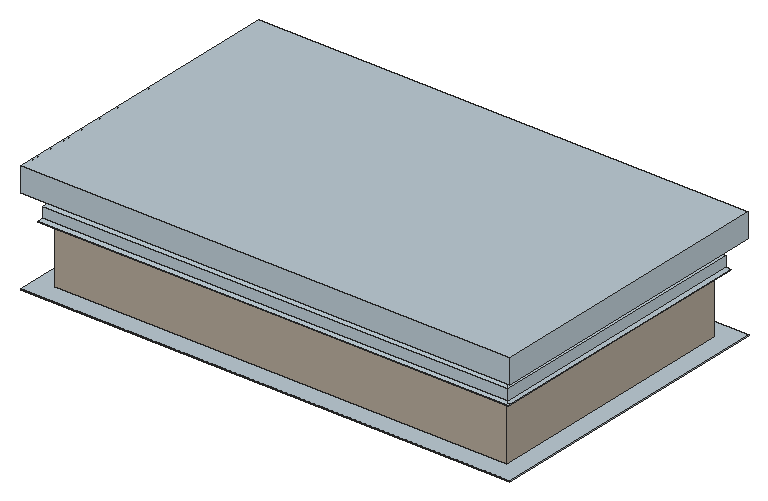
Revit family "NLRS_33_GM_FB_TC_STORAX_vloerluik_NB-50_EX_BCB", category Generic Models, host Face, Revit 2015
Parameters
  waterdicht = true  # yes
  veersysteem = false  # no
  uitwendige_lengte = 1548 mm
  uitwendige_breedte = 938 mm
  true = yes
  thermische onderbreking = false  # no
  scharnierend = true  # yes
  productgroep = "Dakluiken"  # constant formula
  plaatdikte = 2.3 mm  # constant formula
  openingshoek = 90.00°  # constant formula
  ontgrendelingsmechanisme = true  # yes
  omschrijving = "explosieluik"  # constant formula
  omranding waterafvoerend = false  # no
  omranding hoekprofiel = false  # no
  omranding dakopstand = true  # yes
  modeler = "Bouwconnect"  # constant formula
  materiaal = bcb_aluminium
  loopslot = false  # no
  hoogte = 305 mm  # constant formula
  gewicht = 70.00 kg
  garantietermijn in jaren = 10  # constant formula
  false = not(true)  # no
  deurblad = "vlak"  # constant formula
  dagmaatlengte = 760 mm
  dagmaatbreedte = 1370 mm
  conservering = "brut"  # constant formula
  code productgroep = "LUI"  # constant formula
  cilinderslot = false  # no
  brandwerend 60 min = false  # no
  belasting kg/m2 = 200  # constant formula
  bediening = "handmatig"  # constant formula
  URL = "https://www.storax.nl/producten/dakluiken/445/type-nb-50-ex"
  Model = "NB-50-EXx"  # constant formula
  Manufacturer = "Storax"  # constant formula
  Default Elevation = 0 mm  # constant formula
Reference planes
  plane 1 "Center (Front/Back)": y = 0
  plane 2: z = 0
  plane 3 "Center (Left/Right)": x = 0
  plane 4: y = 381
  plane 5: y = -381
  plane 6: x = 685
  plane 7: x = -685
Forms (mm)
  Extrusion 1, void
    sketch origin (0, 0, 0) x (1, 0, 0) y (0, 1, 0)
      loop
        line (-685, -381) -> (685, -381) -> (685, 381) -> (-685, 381) -> (-685, -381)
    from -500 to 10
  Extrusion 2, solid, material "bcb_aluminium" <- "materiaal", detail levels coarse
    sketch origin (0, 0, 317.97) x (0, -1, 0) y (1, 0, 0)
      loop
        line (-469.9, -773.7) -> (469.9, -773.7) -> (469.9, 773.7) -> (-469.9, 773.7) -> (-469.9, -773.7)
    from -44.97 to 31.28
  Sweep 3, solid, material "bcb_hout", detail levels medium+fine
    path origin (0, 0, 317.97) x (0, -1, 0) y (1, 0, 0)
      loop
        line (-381, -685) -> (381, -685) -> (381, 685) -> (-381, 685) -> (-381, -685)
    profile origin (0, 381, 317.97) x (0, 1, 0) y (0, 0, 1)
      loop
        line (27.704, -315.682) -> (27.704, -130.522) -> (2.304, -130.522) -> (2.304, -315.682) -> (27.704, -315.682)
  Sweep 4, solid, material "bcb_aluminium" <- "materiaal"
    path origin (0, 0, 311.57) x (0, -1, 0) y (1, 0, 0)
      loop
        line (-381, -685) -> (381, -685) -> (381, 685) -> (-381, 685) -> (-381, -685)
    profile origin (-685, 0, 311.57) x (1, 0, 0) y (0, 0, 1)
      loop
        line (-86.412, 12.263) -> (-86.412, 35.393) -> (-31.417, 35.393) -> (-31.417, 37.68) -> (-88.7, 37.68) -> (-88.7, -38.57) -> (-84.125, -38.57) -> (-84.125, 9.976) -> (-71.417, 9.976) -> (-71.417, 12.263) -> (-86.412, 12.263)
  Sweep 5, solid, material "bcb_aluminium" <- "materiaal", detail levels medium+fine
    path origin (0, 0, 311.57) x (0, -1, 0) y (1, 0, 0)
      loop
        line (-381, -685) -> (381, -685) -> (381, 685) -> (-381, 685) -> (-381, -685)
    profile origin (-685, 0, 311.57) x (1, 0, 0) y (0, 0, 1)
      loop
        line (-58.467, -17.54) -> (-44.678, -2.56) -> (-44.678, 7.688) -> (-60.03, 7.688) -> (-60.03, 2.163)
        arc (-60.03, 2.163) -> (-65.433, 0.5) -> (-71.014, -0.397) r 40.623
        arc (-71.014, -0.397) -> (-75.171, -16.602) -> (-58.467, -17.54) r 10.828
  Extrusion 6, solid, material "bcb_aluminium" <- "materiaal"
    sketch origin (0, 0, 0) x (1, 0, 0) y (0, 0, 1)
      loop
        line (-716.417, 349.25) -> (-716.417, 346.962) -> (716.417, 346.962) -> (716.417, 349.25) -> (-716.417, 349.25)
    from -412.417 to 412.417
  Sweep 7, solid, material "bcb_aluminium" <- "materiaal", detail levels coarse
    path origin (0, 0, 317.97) x (0, -1, 0) y (1, 0, 0)
      loop
        line (-381, -685) -> (381, -685) -> (381, 685) -> (-381, 685) -> (-381, -685)
    profile origin (0, 381, 317.97) x (0, 1, 0) y (0, 0, 1)
      loop
        line (0, -317.97) -> (36.537, -317.97) -> (36.537, -12.969) -> (0, -12.969) -> (0, -317.97)
  Sweep 8, solid, material "bcb_aluminium" <- "materiaal", detail levels medium+fine
    path origin (0, 0, 317.97) x (0, -1, 0) y (1, 0, 0)
      loop
        line (-381, -685) -> (381, -685) -> (381, 685) -> (-381, 685) -> (-381, -685)
    profile origin (0, 381, 317.97) x (0, 1, 0) y (0, 0, 1)
      loop
        line (0, -317.97) -> (88.959, -317.97) -> (88.959, -315.682) -> (2.3, -315.682) -> (2.3, -130.522) -> (56.489, -130.522) -> (58.106, -128.904) -> (49.245, -120.043) -> (49.245, -88.272) -> (36.537, -75.564) -> (36.537, -12.969) -> (0, -12.969) -> (0, -317.97)
Cuts and joins
  joined: Sweep 4, Extrusion 6
Text (mm)
  text "Indien u deze familie geopend hebt vanuit het project via Edit Family: Niet Opslaan!\n\nOpen de familie via File - Open Family om de familie aan te passen.\n\n\n\nMocht u zelf aanpassingen willen aanbrengen in een type van de family, \n\npak dan het type maatwerk en neem contact op met Storax." at (-0.374, 989.999, 0), in view "Ref. Level"
Dimensions and locks
  "dagmaatbreedte": plane 7 to plane 6
  equal spacing: plane 7, plane 3 "Center (Left/Right)", plane 6
  equal spacing: plane 4, plane 1 "Center (Front/Back)", plane 5
  locked: plane 4 to plane 5 at 762
  aligned and locked: host face to plane 2
  aligned and locked: host face to level
  aligned and locked: Sweep 3 sketch curve to plane 4
  aligned and locked: Sweep 3 sketch curve to plane 7
  aligned and locked: plane 5 to Sweep 3 sketch curve
  aligned and locked: Sweep 3 sketch curve to plane 6
  aligned and locked: Sweep 4 sketch curve to plane 4
  aligned and locked: Sweep 4 sketch curve to plane 5
  aligned and locked: plane 7 to Sweep 4 sketch curve
  aligned and locked: Sweep 4 sketch curve to plane 6
  aligned and locked: Extrusion 6 sketch curve to Sweep 4  (x4)
  aligned and locked: Extrusion 6 to Sweep 4  (x2)
Automatic sketch dimensions
  host sketch curve to host sketch curve = 4109.105 mm
  host sketch curve to host sketch curve = 3969.021 mm
  Extrusion 1 sketch curve to plane 4 = 0 mm
  Extrusion 1 sketch curve to plane 7 = 0 mm
  Extrusion 1 sketch curve to plane 6 = 0 mm
  Extrusion 1 sketch curve to plane 5 = 0 mm
  plane 4 to Extrusion 2 sketch curve = 88.9 mm
  Extrusion 2 sketch curve to plane 5 = 88.9 mm
  plane 7 to Extrusion 2 sketch curve = 88.7 mm
  plane 6 to Extrusion 2 sketch curve = 88.7 mm
  Sweep 4 sketch curve to profile plane = 38.57 mm
  profile plane to Sweep 4 sketch curve = 88.7 mm
  profile plane to Sweep 4 sketch curve = 12.263 mm
  Sweep 4 sketch curve to Sweep 4 sketch curve = 2.288 mm  (x3)
  Sweep 4 sketch curve to Sweep 4 sketch curve = 4.575 mm
  Sweep 4 sketch curve to Sweep 4 sketch curve = 12.708 mm
  profile plane to Sweep 4 sketch curve = 31.417 mm
  profile plane to Sweep 4 sketch curve = 35.393 mm
  Sweep 5 sketch curve to plane 4 = 0 mm
  Sweep 5 sketch curve to plane 5 = 0 mm
  Sweep 5 sketch curve to plane 7 = 0 mm
  Sweep 5 sketch curve to plane 6 = 0 mm
  profile plane to Sweep 5 sketch curve = 74.652 mm
  Sweep 5 sketch curve to profile plane = 10.208 mm
  Sweep 5 sketch curve to Sweep 5 sketch curve = 8.218 mm
  profile plane to Sweep 5 sketch curve = 7.688 mm
  Sweep 5 sketch curve to Sweep 5 sketch curve = 6.404 mm
  Sweep 5 sketch curve to Sweep 5 sketch curve = 15.352 mm
  Sweep 5 sketch curve to profile plane = 2.56 mm
  profile plane to Sweep 5 sketch curve = 2.163 mm
  Sweep 5 sketch curve to Sweep 5 sketch curve = 32.375 mm
  Sweep 5 sketch curve to profile plane = 0.397 mm
  Sweep 5 sketch curve to Sweep 5 sketch curve = 7.966 mm
  Sweep 5 sketch curve to profile plane = 17.54 mm
  Sweep 5 sketch curve to Sweep 5 sketch curve = 0 mm
  Sweep 7 sketch curve to plane 4 = 0 mm
  Sweep 7 sketch curve to plane 5 = 0 mm
  Sweep 7 sketch curve to plane 7 = 0 mm
  Sweep 7 sketch curve to plane 6 = 0 mm
  Sweep 7 sketch curve to profile plane = 0 mm
  Sweep 7 sketch curve to profile plane = 36.537 mm
  Sweep 7 sketch curve to profile plane = 317.97 mm
  Sweep 7 sketch curve to profile plane = 12.969 mm
  Sweep 8 sketch curve to plane 4 = 0 mm
  Sweep 8 sketch curve to plane 5 = 0 mm
  Sweep 8 sketch curve to plane 7 = 0 mm
  Sweep 8 sketch curve to plane 6 = 0 mm
  Sweep 8 sketch curve to profile plane = 0 mm
  Sweep 8 sketch curve to profile plane = 12.969 mm
  Sweep 8 sketch curve to profile plane = 36.537 mm
  Sweep 8 sketch curve to Sweep 8 sketch curve = 12.708 mm  (x2)
  Sweep 8 sketch curve to Sweep 8 sketch curve = 7.244 mm
  Sweep 8 sketch curve to Sweep 8 sketch curve = 1.618 mm
  Sweep 8 sketch curve to Sweep 8 sketch curve = 62.594 mm
  Sweep 8 sketch curve to Sweep 8 sketch curve = 31.771 mm
  Sweep 8 sketch curve to Sweep 8 sketch curve = 8.861 mm
  Sweep 8 sketch curve to Sweep 8 sketch curve = 185.161 mm
  Sweep 8 sketch curve to Sweep 8 sketch curve = 2.288 mm
  Sweep 8 sketch curve to profile plane = 2.3 mm
  Sweep 8 sketch curve to Sweep 8 sketch curve = 86.659 mm
  Sweep 3 sketch curve to profile plane = 2.304 mm
  Sweep 3 sketch curve to profile plane = 27.704 mm
  Sweep 3 sketch curve to Sweep 3 sketch curve = 185.161 mm
  Sweep 3 sketch curve to profile plane = 315.682 mm
